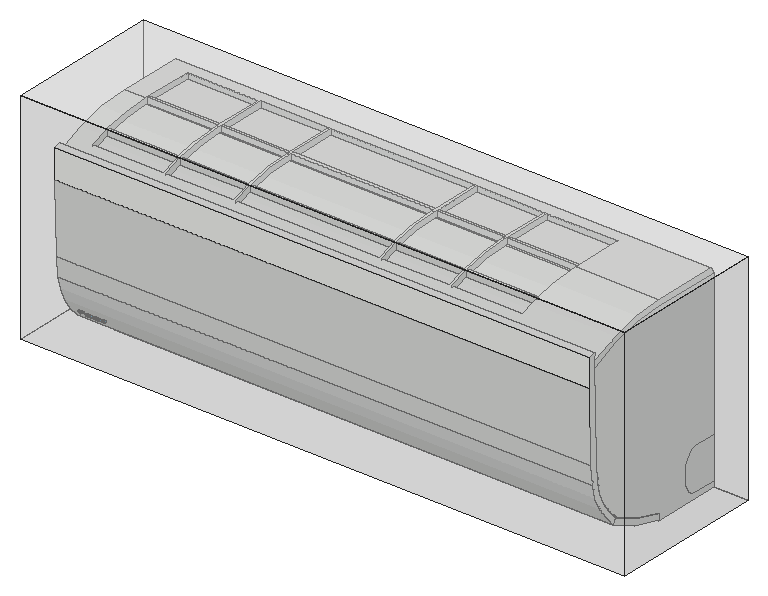
Revit family "outputfile", category 機械設備, Revit 2024
Family settings
  丸型コネクタ寸法 = 半径を使用
  パーツ タイプ = 標準
  OmniClass 番号 = 23.75.10.24.21.27.27
  OmniClass タイトル = Split System Air Conditioning Units
  作業面ベース = いいえ
  常に垂直 = はい
  ロード時にボイドで切り取り = いいえ
  注釈の向きを維持 = いいえ
  共有 = いいえ
  部屋計算ポイント = いいえ
Parameters (values of type "FTXF50W2VMA")
  Description = ""
  書き出し IFC クラス(タイプ) = "IfcUnitaryEquipmentType"
  定義済み IFC タイプ(タイプ) = "AIRCONDITIONINGUNIT"
  Cost = 0
  Type Comments = ""
  Keynote = ""
  Type Image = (empty or 0)
  Assembly Code = ""
  w_wall hole = if(Width = 770.0 mm, 48.0 mm, 60.0 mm)  # 48.0 mm
  製造元 = "Daikin"
  モデル = "FTXF50W2VMA"
  switch_frequency = yes
  r_Liquid Pipe Size = Liquid Pipe Size / 2  # 3.2 mm
  r_Gas Pipe Size = Gas Pipe Size / 2  # 6.35 mm
  r_Drain Pipe Size = Drain Pipe Size / 2  # 8.0 mm
  lw_powersupply [instance] = if(Width = 770.0 mm, if(or(Rear Right Connection_refrigerant, Bottom Right Connection_refrigerant), 25.0 mm, if(or(Rear Left Connection_refrigerant, Bottom Left Connection_refrigerant), 745.0 mm, 400.0 mm)), if(Width = 990.0 mm, if(or(Rear Right Connection_refrigerant, Bottom Right Connection_refrigerant), 40.0 mm, if(or(Rear Left Connection_refrigerant, Bottom Left Connection_refrigerant), 920.0 mm, 400.0 mm)), if(or(Rear Right Connection_refrigerant, Bottom Right Connection_refrigerant), 40.0 mm, if(or(Rear Left Connection_refrigerant, Bottom Left Connection_refrigerant), 920.0 mm, 400.0 mm))))  # 400.0 mm
  lw_liquidpipe [instance] = if(Width = 770.0 mm, if(or(Rear Right Connection_refrigerant, Bottom Right Connection_refrigerant), 0.0 mm, if(or(Rear Left Connection_refrigerant, Bottom Left Connection_refrigerant), 664.0 mm, 385.0 mm)), if(Width = 990.0 mm, if(or(Rear Right Connection_refrigerant, Bottom Right Connection_refrigerant), 0.0 mm, if(or(Rear Left Connection_refrigerant, Bottom Left Connection_refrigerant), 664.0 mm + (990.0 mm - 770.0 mm), 475.0 mm)), if(or(Rear Right Connection_refrigerant, Bottom Right Connection_refrigerant), 0.0 mm, if(or(Rear Left Connection_refrigerant, Bottom Left Connection_refrigerant), 664.0 mm + (990.0 mm - 770.0 mm), 475.0 mm))))  # 385.0 mm
  lw_gaspipe [instance] = if(Width = 770.0 mm, if(or(Rear Right Connection_refrigerant, Bottom Right Connection_refrigerant), 0.0 mm, if(or(Rear Left Connection_refrigerant, Bottom Left Connection_refrigerant), 675.0 mm, if(Gas Pipe Size = 12.7 mm, 335.0 mm, 335.0 mm))), if(Width = 990.0 mm, if(or(Rear Right Connection_refrigerant, Bottom Right Connection_refrigerant), 10.0 mm, if(or(Rear Left Connection_refrigerant, Bottom Left Connection_refrigerant), 890.0 mm, if(Gas Pipe Size = 15.9 mm, 400.0 mm, 400.0 mm))), if(or(Rear Right Connection_refrigerant, Bottom Right Connection_refrigerant), 10.0 mm, if(or(Rear Left Connection_refrigerant, Bottom Left Connection_refrigerant), 890.0 mm, if(Gas Pipe Size = 15.9 mm, 400.0 mm, 400.0 mm)))))  # 335.0 mm
  lw_drainpipe [instance] = if(Width = 770.0 mm, if(or(Rear Right Connection_refrigerant, Bottom Right Connection_refrigerant), 0.0 mm, if(or(Rear Left Connection_refrigerant, Bottom Left Connection_refrigerant), 770.0 mm - 48.0 mm - 48.0 mm, 440.0 mm)), if(Width = 990.0 mm, if(or(Rear Right Connection_refrigerant, Bottom Right Connection_refrigerant), 0.0 mm, if(or(Rear Left Connection_refrigerant, Bottom Left Connection_refrigerant), 675.0 mm + (990.0 mm - 770.0 mm), 435.0 mm)), if(or(Rear Right Connection_refrigerant, Bottom Right Connection_refrigerant), 0.0 mm, if(or(Rear Left Connection_refrigerant, Bottom Left Connection_refrigerant), 675.0 mm + (990.0 mm - 770.0 mm), 435.0 mm))))  # 440.0 mm
  l_powersupply_length [instance] = if(Width = 770.0 mm, if(Right Connection_refrigerant, 400.0 mm, if(Left Connection_refrigerant, 770.0 mm - 400.0 mm, if(or(Rear Left Connection_refrigerant, Rear Right Connection_refrigerant), 15.0 mm, 50.0 mm))), if(Width = 990.0 mm, if(Right Connection_refrigerant, 400.0 mm, if(Left Connection_refrigerant, 990.0 mm - 400.0 mm, if(or(Rear Left Connection_refrigerant, Rear Right Connection_refrigerant), 15.0 mm, 50.0 mm))), if(Right Connection_refrigerant, 400.0 mm, if(Left Connection_refrigerant, 990.0 mm - 400.0 mm, if(or(Rear Left Connection_refrigerant, Rear Right Connection_refrigerant), 15.0 mm, 50.0 mm)))))  # 400.0 mm
  l_liquidpipe_length [instance] = if(Width = 770.0 mm, if(Right Connection_refrigerant, 433.0 mm, if(Left Connection_refrigerant, 337.0 mm, if(or(Rear Left Connection_refrigerant, Rear Right Connection_refrigerant), 30.0 mm, 40.0 mm))), if(Width = 990.0 mm, if(Right Connection_refrigerant, 535.0 mm, if(Left Connection_refrigerant, 455.0 mm, if(or(Rear Left Connection_refrigerant, Rear Right Connection_refrigerant), 30.0 mm, 40.0 mm))), if(Right Connection_refrigerant, 535.0 mm, if(Left Connection_refrigerant, 455.0 mm, if(or(Rear Left Connection_refrigerant, Rear Right Connection_refrigerant), 30.0 mm, 40.0 mm)))))  # 433.0 mm
  l_gaspipe_length [instance] = if(Width = 770.0 mm, if(Right Connection_refrigerant, if(Gas Pipe Size = 12.7 mm, 383.0 mm, 383.0 mm), if(Left Connection_refrigerant, if(Gas Pipe Size = 12.7 mm, 770.0 mm - 383.0 mm, 770.0 mm - 383.0 mm), if(or(Rear Left Connection_refrigerant, Rear Right Connection_refrigerant), 40.0 mm, 50.0 mm))), if(Width = 990.0 mm, if(Right Connection_refrigerant, if(Gas Pipe Size = 15.9 mm, 460.0 mm, 460.0 mm), if(Left Connection_refrigerant, if(Gas Pipe Size = 15.9 mm, 990.0 mm - 460.0 mm, 990.0 mm - 460.0 mm), if(or(Rear Left Connection_refrigerant, Rear Right Connection_refrigerant), 40.0 mm, 50.0 mm))), if(Right Connection_refrigerant, if(Gas Pipe Size = 15.9 mm, 460.0 mm, 460.0 mm), if(Left Connection_refrigerant, if(Gas Pipe Size = 15.9 mm, 990.0 mm - 460.0 mm, 990.0 mm - 460.0 mm), if(or(Rear Left Connection_refrigerant, Rear Right Connection_refrigerant), 40.0 mm, 50.0 mm)))))  # 383.0 mm
  l_drainpipe_length [instance] = if(Width = 770.0 mm, if(Right Connection_refrigerant, 488.0 mm, if(Left Connection_refrigerant, 282.0 mm, if(or(Rear Left Connection_refrigerant, Rear Right Connection_refrigerant), 15.0 mm, 20.0 mm))), if(Width = 990.0 mm, if(Right Connection_refrigerant, 495.0 mm, if(Left Connection_refrigerant, 495.0 mm, if(or(Rear Left Connection_refrigerant, Rear Right Connection_refrigerant), 15.0 mm, 20.0 mm))), if(Right Connection_refrigerant, 495.0 mm, if(Left Connection_refrigerant, 495.0 mm, if(or(Rear Left Connection_refrigerant, Rear Right Connection_refrigerant), 15.0 mm, 20.0 mm)))))  # 488.0 mm
  h*** = 0.0 mm  # constant formula
  connector_voltage = Voltage_50Hz  # 230 V
  connector_powerinput = if([Power Input (Cooling)] > [Power Input (Heating)], [Power Input (Cooling)], [Power Input (Heating)])  # 0.000 kW
  connector_phase = Phase_50Hz  # 1
  angle_vertical [instance] = if(or(Bottom Left Connection_refrigerant, Bottom Right Connection_refrigerant), 0.00°, 90.00°)  # 90.00°
  angle_horizontal [instance] = if(Right Connection_refrigerant, 90.00°, if(Left Connection_refrigerant, -90.00°, if(or(Rear Left Connection_refrigerant, Rear Right Connection_refrigerant), 180.00°, 0.00°)))  # 90.00°
  Width = 770.0 mm
  Voltage_comment_50Hz = "220 - 240"
  Voltage_50Hz = 230 V
  Version = "ver.1.0"
  Unit Type = "Wall Mounted"
  Unit Mass Weight = 9.00 kg
  Unit Designation [instance] = ""
  Uniclass2015Version = "Products v1.30"
  Uniclass2015Title = "Split coil room air conditioning units"
  Uniclass2015Code = "Pr_70_65_03_86"
  URL = ""
  Total Heating Capacity [instance] = 0.000 kW
  Total Cooling Capacity [instance] = 0.000 kW
  Sound Pressure Level_M speed (dBA) = 40
  Sound Pressure Level_L speed (dBA) = 35
  Sound Pressure Level_H speed (dBA) = 45
  Sound Power Level_H speed (dB) = 0
  Series = "Single Split_Fan Coil Unit"
  Sensible Cooling Capacity [instance] = 0.000 kW
  Refrigerant Type = "R32"
  Power Input (Heating) = 0.000 kW
  Power Input (Cooling) = 0.000 kW
  Phase_50Hz = 1
  Option Accessory 3 [instance] = ""
  Option Accessory 2 [instance] = ""
  Option Accessory 1 [instance] = ""
  Nominal Heating Capacity = 5.200 kW
  Nominal Cooling Capacity = 5.000 kW
  Minimum Circuit Amps_50Hz = 0.0 A
  Minimum Airflow = 498.00 m³/h
  Median Airflow = 606.00 m³/h
  Maximum Fuse Amps_50Hz = 0.0 A
  Maximum Airflow = 756.00 m³/h
  Material_Casing = DAIKIN_PureWhite_Casing_indoorunit
  Load Classification = HVAC
  Liquid Pipe Size = 6.4 mm
  Link_Nested Family [instance] = ""
  IfcVersion = ""
  IfcExportType = "AIRCONDITIONINGUNIT"
  IfcExportAs = "IfcUnitaryEquipmentType"
  Height = 285.0 mm
  Heating Entering Wet Bulb Temperature [instance] = 0.00 °C
  Heating Entering Dry Bulb Temperature [instance] = 0.00 °C
  Heating Ambient Wet Bulb Temperature [instance] = 0.00 °C
  Heating Ambient Dry Bulb Temperature [instance] = 0.00 °C
  Heat Exchanger Type = "Cross Fin Coil"
  Gas Pipe Size = 12.7 mm
  Frequency_50Hz = 50 Hz
  Fan Type = "Cross Flow Fan"
  Fan Drive = "Direct Drive"
  FCU Tag No. [instance] = ""
  Drain Pipe Size = 16.0 mm
  Design Supply Airflow [instance] = 0.00 m³/h
  Depth = 223.0 mm
  既定の高さ = 0.0 mm
  Cooling Entering Wet Bulb Temperature [instance] = 0.00 °C
  Cooling Entering Dry Bulb Temperature [instance] = 0.00 °C
  Cooling Ambient Wet Bulb Temperature [instance] = 0.00 °C
  Cooling Ambient Dry Bulb Temperature [instance] = 0.00 °C
  Clearance visibility [instance] = yes
  Clearance Top = 30.0 mm
  Clearance Right = 50.0 mm
  Clearance Rear = 0.0 mm
  Clearance Left = 50.0 mm
  Clearance Front = 0.0 mm
  Clearance Bottom = 0.0 mm
  Bottom Right Connection_refrigerant [instance] = no
  Bottom Left Connection_refrigerant [instance] = no
  Rear Right Connection_refrigerant [instance] = no
  Rear Left Connection_refrigerant [instance] = no
  Right Connection_refrigerant [instance] = yes
  Left Connection_refrigerant [instance] = no
Reference planes
  plane 1 "Back": y = 0
  plane 2: z = 0
  plane 3 "Center (Left/Right)": x = 0
  plane 4 "Center (Front/Back)": y = -111.5
  plane 5 "Front": y = -223
  plane 6 "Left": x = -385
  plane 7 "Right": x = 385
  plane 8 "Top": z = 0
  plane 9 "Bottom": z = -285
  plane 10: x = -435
  plane 11: x = 435
  plane 12: y = 0
  plane 13: y = -223
  plane 14: z = 30
  plane 15: z = -285
  plane 16 "lw_Piping and Wiring intake": x = 337
  plane 17 "lw_gaspipe": x = 2
  plane 18 "lw_liquidpipe": x = -48
  plane 19 "lw_drainpipe": x = -103
  plane 20 "lh_drainpipe": z = -265
  plane 21 "lh_liquidpipe": z = -245
  plane 22 "lh_gaspipe": z = -235
  plane 23 "ld_drainpipe": y = -15
  plane 24 "ld_liquidpipe": y = -30
  plane 25 "ld_gaspipe": y = -40
  plane 26 "lw_powersupply": x = -15
Dimensions and locks
  equal spacing: plane 6 "Left", plane 3 "Center (Left/Right)", plane 7 "Right"
  "Width": plane 6 "Left" to plane 7 "Right"
  equal spacing: plane 5 "Front", plane 4 "Center (Front/Back)", plane 1 "Back"
  "Depth": plane 5 "Front" to plane 1 "Back"
  "Height": plane 8 "Top" to plane 9 "Bottom"
  "Clearance Rear": plane 12 to plane 1 "Back"
  "Clearance Front": plane 13 to plane 5 "Front"
  "Clearance Top": plane 14 to plane 8 "Top"
  "Clearance Bottom": plane 9 "Bottom" to plane 15
  "w_wall hole": plane 16 "lw_Piping and Wiring intake" to plane 7 "Right"
  "lw_gaspipe": plane 17 "lw_gaspipe" to plane 16 "lw_Piping and Wiring intake"
  "lw_liquidpipe": plane 18 "lw_liquidpipe" to plane 16 "lw_Piping and Wiring intake"
  "lw_drainpipe": plane 19 "lw_drainpipe" to plane 16 "lw_Piping and Wiring intake"
  locked: plane 20 "lh_drainpipe" to plane 9 "Bottom" at 20
  locked: plane 21 "lh_liquidpipe" to plane 9 "Bottom" at 40
  locked: plane 22 "lh_gaspipe" to plane 9 "Bottom" at 50
  locked: plane 23 "ld_drainpipe" to plane 1 "Back" at 15
  locked: plane 1 "Back" to plane 24 "ld_liquidpipe" at 30
  locked: plane 1 "Back" to plane 25 "ld_gaspipe" at 40
  "lw_powersupply": plane 26 "lw_powersupply" to plane 7 "Right"
  "Clearance Left": plane 10 to plane 6 "Left"
  "Clearance Right": plane 7 "Right" to plane 11
  aligned and locked: level to plane 2
  aligned and locked: plane 12 to nested 1
  aligned and locked: nested 1 to plane 13
  aligned and locked: plane 10 to nested 1
  aligned and locked: plane 11 to nested 1
  aligned and locked: plane 15 to nested 1
  aligned and locked: plane 14 to nested 1
  aligned and locked: plane 17 "lw_gaspipe" to nested 2
  aligned and locked: nested 2 to plane 25 "ld_gaspipe"
  aligned and locked: plane 18 "lw_liquidpipe" to nested 3
  aligned and locked: nested 3 to plane 24 "ld_liquidpipe"
  aligned and locked: plane 19 "lw_drainpipe" to nested 4
  aligned and locked: nested 4 to plane 23 "ld_drainpipe"
  aligned and locked: nested 5 to plane 23 "ld_drainpipe"
  aligned and locked: plane 26 "lw_powersupply" to nested 5
  aligned and locked: level to plane 8 "Top"
  aligned and locked: plane 3 "Center (Left/Right)" to nested 6
  aligned and locked: plane 1 "Back" to nested 6
  aligned and locked: plane 8 "Top" to nested 6
Nested families
  nested 1: "daikin_clearancespace" at (0, -111.5, -127.381), show <- "Clearance visibility", visible <- "Clearance visibility", Link_Nested Family <- "Link_Nested Family", type "daikin_clearancespace"
    with width 870.0 mm, show yes, height 315.0 mm, depth 223.0 mm, Link_Nested Family ""
  nested 2: "daikin_connector_rotate3" at (2, -40, -235), angle_vertical <- "angle_vertical", angle_horizontal <- "angle_horizontal", length <- "l_gaspipe_length", radius <- "r_Gas Pipe Size", type "daikin_connector_rotate3"
    with show no, radius 6.35 mm, length 383.0 mm, angle_vertical 90.00°, angle_horizontal 90.00°
  nested 3: "daikin_connector_rotate3" at (-48, -30, -245), angle_vertical <- "angle_vertical", angle_horizontal <- "angle_horizontal", radius <- "r_Liquid Pipe Size", length <- "l_liquidpipe_length", type "daikin_connector_rotate3"
    with show no, radius 3.2 mm, length 433.0 mm, angle_vertical 90.00°, angle_horizontal 90.00°
  nested 4: "daikin_connector_rotate3" at (-103, -15, -265), angle_vertical <- "angle_vertical", angle_horizontal <- "angle_horizontal", length <- "l_drainpipe_length", radius <- "r_Drain Pipe Size", type "daikin_connector_rotate3"
    with show no, radius 8.0 mm, length 488.0 mm, angle_vertical 90.00°, angle_horizontal 90.00°
  nested 5: "daikin_connector_rotate3" at (-15, -15, -235), angle_vertical <- "angle_vertical", angle_horizontal <- "angle_horizontal", length <- "l_powersupply_length", type "daikin_connector_rotate3"
    with show no, radius 10.0 mm, length 400.0 mm, angle_vertical 90.00°, angle_horizontal 90.00°
  nested 6: "DAIKIN_indoorunit_FTXF-W2VMA" at (-31, 0, 0), type "FTXF-W2VMA"
Connectors
  piping at (385, -40, -235), diameter 12.7, driven by "r_Gas Pipe Size"
    settings: on nested 2, index 1, connector inside diameter 609.6 mm, connector length 0.0 mm, flow factor 0, pipe flow 0.00 m³/h, pressure drop 0.0 Pa, fitting loss kfactor 0, connector angle 0.00°, fixture units 0, engagement length 0.0 mm, angle of deflection 0.00°, flow configuration 1, flow direction 2, fitting loss method 0, system type 29, joint type 0, gender type 0, connector reference index -1, connector utility 0, adjustable connector no, is connector primary yes, connector description "Refrigerant Gas Piping"
  piping at (385, -30, -245), diameter 6.4, driven by "r_Liquid Pipe Size"
    settings: on nested 3, index 2, connector inside diameter 609.6 mm, connector length 0.0 mm, flow factor 0, pipe flow 0.00 m³/h, pressure drop 0.0 Pa, fitting loss kfactor 0, connector angle 0.00°, fixture units 0, engagement length 0.0 mm, angle of deflection 0.00°, flow configuration 1, flow direction 1, fitting loss method 0, system type 29, joint type 0, gender type 0, connector reference index -1, connector utility 0, adjustable connector no, is connector primary no, connector description "Refrigerant Liquid Piping"
  piping at (385, -15, -265), diameter 16, driven by "r_Drain Pipe Size"
    settings: on nested 4, index 3, connector inside diameter 609.6 mm, connector length 0.0 mm, flow factor 0, pipe flow 0.00 m³/h, pressure drop 0.0 Pa, fitting loss kfactor 0, connector angle 0.00°, fixture units 0, engagement length 0.0 mm, angle of deflection 0.00°, flow configuration 1, flow direction 2, fitting loss method 4, system type 16, joint type 0, gender type 0, connector reference index -1, connector utility 0, adjustable connector no, is connector primary no, connector description "Condensate Drain Piping"
  electrical at (385, -15, -235), driven by "Load Classification", driven by "connector_powerinput", driven by "connector_voltage", driven by "connector_phase"
    settings: on nested 5, index 4, voltage 230 V, apparent load 0 VA, apparent load phase1 0 VA, apparent load phase2 0 VA, apparent load phase3 0 VA, power factor 1, load classification "HVAC", number of poles 1, system type 30, power factor state 1, is connector primary yes, connector utility no, sub classification motor no, connector description "Power Supply"
Definition of nested family "daikin_clearancespace"
  Parameters (values of type "daikin_clearancespace")
    Description = "daikin_clearancespace"
    width [instance] = 1823.963 mm
    show [instance] = yes
    material = none
    height [instance] = 1359.762 mm
    depth [instance] = 880.0 mm
    Default Elevation = 0.0 mm
    Link_Nested Family [instance] = ""
  Reference planes
    plane 1 "Center (Front/Back)": y = 0
    plane 2 "Center (Elevation)": z = -0.119
    plane 3 "Center (Left/Right)": x = 0
    plane 4: y = 440
    plane 5: y = -440
    plane 6 "Right": x = 911.982
    plane 7 "Left": x = -911.982
    plane 8 "Top": z = 679.762
    plane 9 "Bottom": z = -680
  Forms (mm)
    Extrusion 1, solid, material <- "material", visible <- "show"
      sketch origin (0, 0, 0) x (1, 0, 0) y (0, 1, 0)
        loop
          line (-911.982, 440) -> (-911.982, -440) -> (911.982, -440) -> (911.982, 440) -> (-911.982, 440)
      from -680 to 679.762
  Lines and regions (mm)
    symbolic lines, visible <- "show"
      curve 1: line (911.982, 440, 0) -> (-911.982, 440, 0)
      curve 2: line (-911.982, 440, 0) -> (-911.982, -440, 0)
      curve 3: line (-911.982, -440, 0) -> (911.982, -440, 0)
      curve 4: line (911.982, -440, 0) -> (911.982, 440, 0)
      curve 5: line (911.982, 0, 679.762) -> (-911.982, 0, 679.762)
      curve 6: line (911.982, 0, -680) -> (911.982, 0, 679.762)
      curve 7: line (-911.982, 0, -680) -> (911.982, 0, -680)
      curve 8: line (-911.982, 0, 679.762) -> (-911.982, 0, -680)
      curve 9: line (0, 440, 679.762) -> (0, -440, 679.762)
      curve 10: line (0, -440, 679.762) -> (0, -440, -680)
      curve 11: line (0, 440, -680) -> (0, 440, 679.762)
      curve 12: line (0, -440, -680) -> (0, 440, -680)
  Dimensions and locks
    "width": plane 7 "Left" to plane 6 "Right"
    "depth": plane 4 to plane 5
    "height": plane 8 "Top" to plane 9 "Bottom"
    equal spacing: plane 7 "Left", plane 3 "Center (Left/Right)", plane 6 "Right"
    equal spacing: plane 4, plane 1 "Center (Front/Back)", plane 5
    equal spacing: plane 8 "Top", plane 2 "Center (Elevation)", plane 9 "Bottom"
    aligned and locked: level to plane 2 "Center (Elevation)"
    aligned and locked: Extrusion 1 sketch curve to plane 4
    aligned and locked: plane 7 "Left" to Extrusion 1 sketch curve
    aligned and locked: Extrusion 1 sketch curve to plane 5
    aligned and locked: Extrusion 1 sketch curve to plane 6 "Right"
    aligned and locked: plane 8 "Top" to Extrusion 1
    aligned and locked: curve 1 to Extrusion 1
    aligned and locked: curve 2 to Extrusion 1
    aligned and locked: curve 3 to Extrusion 1
    aligned and locked: curve 4 to Extrusion 1
    aligned and locked: curve 5 to Extrusion 1
    aligned and locked: curve 6 to Extrusion 1
    aligned and locked: curve 7 to Extrusion 1
    aligned and locked: curve 8 to Extrusion 1
    aligned and locked: curve 9 to Extrusion 1
    aligned and locked: curve 10 to Extrusion 1
    aligned and locked: curve 11 to Extrusion 1
    aligned and locked: curve 12 to Extrusion 1
    aligned and locked: Extrusion 1 to plane 9 "Bottom"
Definition of nested family "DAIKIN_indoorunit_FTXF-W2VMA"
  Parameters (values of type "FTKF-TVMA")
    switch_unit1_60-71 = Width = 990.0 mm  # no
    switch_unit1_20-50 = Width = 770.0 mm  # yes
    Width = 770.0 mm
    WALL HOLE-R = if(Width = 770.0 mm, 48.0 mm, 60.0 mm)  # 48.0 mm
    WALL HOLE Size = if(Width = 770.0 mm, 65.0 mm, 80.0 mm)  # 65.0 mm
    Material_Casing = none
    Height = if(Width = 770.0 mm, 285.0 mm, 295.0 mm)  # 285.0 mm
    Default Elevation = 0.0 mm
  Reference planes
    plane 1 "Center (Front/Back)": y = 0
    plane 2 "reference_level": z = 0
    plane 3 "Center (Left/Right)": x = 31
    plane 4: x = -354
    plane 5: x = 416
    plane 6: z = -285
  Forms (mm)
    Extrusion 1, solid, material <- "Material_Casing", visible <- "switch_unit1_20-50"
      sketch origin (29, 0, 0) x (0, 1, 0) y (0, 0, 1)
        loop
          line (-5, 0) -> (-98, 0)
          arc (-98, 0) -> (-157.611, -7.211) -> (-213.783, -28.427) r 250
          arc (-213.783, -28.427) -> (-213.842, -32.972) -> (-213.892, -37.516) r 2191
          arc (-213.892, -37.516) -> (-157.832, -15.495) -> (-98.07, -8) r 242
          line (-98.07, -8) -> (0, -8) -> (-5, 0)
      from -383 to 387
    Extrusion 2, solid, material <- "Material_Casing", visible <- "switch_unit1_20-50"
      sketch origin (416, 1296.25, 1200) x (0, 1, 0) y (0, 0, 1)
        loop
          line (-1472.998, -1446.91) -> (-1476.998, -1453.839)
          arc (-1476.998, -1453.839) -> (-1437.481, -1472.422) -> (-1395.25, -1483.538) r 240
          line (-1395.25, -1483.538) -> (-1395.25, -1475.422)
          arc (-1395.25, -1475.422) -> (-1435.407, -1464.663) -> (-1472.998, -1446.91) r 232
      from 0 to -47.5
    Extrusion 3, solid, material <- "Material_Casing", visible <- "switch_unit1_20-50"
      sketch origin (29, 0, 0) x (0, 1, 0) y (0, 0, 1)
        loop
          arc (-223, -60.455) -> (-222.414, -110.646) -> (-220.656, -160.81) r 2149.92
          arc (-220.656, -160.81) -> (-219.65, -174.299) -> (-217.853, -187.706) r 229.911
          arc (-217.853, -187.706) -> (-205.371, -223.594) -> (-181.517, -253.17) r 111
          line (-181.517, -253.17) -> (-177.429, -246.093)
          arc (-177.429, -246.093) -> (-198.77, -218.989) -> (-209.965, -186.36) r 103
          arc (-209.965, -186.36) -> (-211.681, -173.586) -> (-212.651, -160.735) r 221.844
          arc (-212.651, -160.735) -> (-214.739, -93.233) -> (-214.74, -25.699) r 2186.828
          arc (-214.74, -25.699) -> (-214.671, -21.467) -> (-214.594, -17.235) r 2192
          line (-214.594, -17.235) -> (-223, -19.961) -> (-223, -60.455)
      from -383 to 387
    Extrusion 4, solid, material <- "Material_Casing", visible <- "switch_unit1_20-50"
      sketch origin (29, 0, -20) x (0, 1, 0) y (0, 0, 1)
        loop
          line (0, -265) -> (0, 12) -> (-98.07, 12)
          arc (-98.07, 12) -> (-157.832, 4.505) -> (-213.892, -17.516) r 242
          arc (-213.892, -17.516) -> (-213.638, -79.114) -> (-211.653, -140.681) r 2191
          arc (-211.653, -140.681) -> (-210.685, -153.501) -> (-208.973, -166.243) r 221
          arc (-208.973, -166.243) -> (-197.471, -199.282) -> (-175.482, -226.491) r 102
          arc (-175.482, -226.491) -> (-138.004, -244.019) -> (-98, -254.579) r 231
          line (-98, -254.579) -> (-98, -265) -> (0, -265)
      from -383 to 387
    Extrusion 5, solid, material <- "Material_Casing", visible <- "switch_unit1_20-50"
      sketch origin (-354, 1296.25, 1200) x (0, 1, 0) y (0, 0, 1)
        loop
          line (-1472.998, -1446.91) -> (-1476.998, -1453.839)
          arc (-1476.998, -1453.839) -> (-1437.481, -1472.422) -> (-1395.25, -1483.538) r 240
          line (-1395.25, -1483.538) -> (-1395.25, -1475.422)
          arc (-1395.25, -1475.422) -> (-1435.407, -1464.663) -> (-1472.998, -1446.91) r 232
      from 47 to 0
    Extrusion 6, solid, material <- "Material_Casing", visible <- "switch_unit1_20-50"
      sketch origin (416, 1296.25, 1200) x (0, 1, 0) y (0, 0, 1)
        loop
          line (-1472.998, -1446.91) -> (-1476.998, -1453.839)
          arc (-1476.998, -1453.839) -> (-1443.437, -1470.168) -> (-1407.75, -1481.097) r 240
          line (-1407.75, -1481.097) -> (-1407.75, -1472.894)
          arc (-1407.75, -1472.894) -> (-1441.363, -1462.385) -> (-1472.998, -1446.91) r 232
      from -116.993 to -48.493
    Extrusion 7, solid, material <- "Material_Casing", visible <- "switch_unit1_20-50"
      sketch origin (416, 1296.25, 1200) x (0, 1, 0) y (0, 0, 1)
        loop
          line (-1472.998, -1446.91) -> (-1476.998, -1453.839)
          arc (-1476.998, -1453.839) -> (-1443.437, -1470.168) -> (-1407.75, -1481.097) r 240
          line (-1407.75, -1481.097) -> (-1407.75, -1472.894)
          arc (-1407.75, -1472.894) -> (-1441.363, -1462.385) -> (-1472.998, -1446.91) r 232
      from -717 to -121.993
    Extrusion 8, void
      sketch origin (31, 0, -235) x (1, 0, 0) y (0, 1, 0)
        loop
          line (-252.674, -22.316) -> (-354.941, -22.316) -> (-354.941, -91.341) -> (-252.674, -91.341) -> (-252.674, -22.316)
        loop
          line (-249.341, -91.341) -> (-151.574, -91.341) -> (-151.574, -22.316) -> (-249.341, -22.316) -> (-249.341, -91.341)
        loop
          line (58.309, -22.316) -> (-148.309, -22.316) -> (-148.309, -91.341) -> (58.309, -91.341) -> (58.309, -22.316)
        loop
          line (61.689, -22.316) -> (61.689, -91.341) -> (159.457, -91.341) -> (159.457, -22.316) -> (61.689, -22.316)
        loop
          line (162.789, -22.316) -> (162.789, -91.341) -> (265.057, -91.341) -> (265.057, -22.316) -> (162.789, -22.316)
        loop
          line (-354.941, -94.659) -> (-354.941, -165.259) -> (-252.674, -165.259) -> (-252.674, -94.659) -> (-354.941, -94.659)
        loop
          line (-249.341, -94.659) -> (-249.341, -165.259) -> (-151.574, -165.259) -> (-151.574, -94.659) -> (-249.341, -94.659)
        loop
          line (-148.309, -94.659) -> (-148.309, -165.259) -> (58.309, -165.259) -> (58.309, -94.659) -> (-148.309, -94.659)
        loop
          line (61.689, -94.659) -> (61.689, -165.259) -> (159.457, -165.259) -> (159.457, -94.659) -> (61.689, -94.659)
        loop
          line (162.789, -94.659) -> (162.789, -165.259) -> (265.057, -165.259) -> (265.057, -94.659) -> (162.789, -94.659)
        loop
          line (-354.941, -167.382) -> (-354.941, -192.681) -> (-252.674, -192.681) -> (-252.674, -167.382) -> (-354.941, -167.382)
        loop
          line (-249.341, -167.382) -> (-249.341, -192.681) -> (-151.574, -192.681) -> (-151.574, -167.382) -> (-249.341, -167.382)
        loop
          line (-148.309, -167.382) -> (-148.309, -192.681) -> (58.309, -192.681) -> (58.309, -167.382) -> (-148.309, -167.382)
        loop
          line (159.457, -167.382) -> (61.689, -167.382) -> (61.689, -192.681) -> (159.457, -192.681) -> (159.457, -167.382)
        loop
          line (265.057, -167.382) -> (162.789, -167.382) -> (162.789, -192.681) -> (265.057, -192.681) -> (265.057, -167.382)
      from 201.638 to 250
    Extrusion 9, solid, material <- "Material_Casing"
      sketch origin (31, 0, 0) x (1, 0, 0) y (0, 0, 1)
        loop
          circle (337, -240.5) r 32.5
        loop
          circle (-337, -240.5) r 32.5
      from 0 to 5
    Extrusion 10, solid, material <- "Material_Casing", visible <- "switch_unit1_20-50"
      sketch origin (416, 1296.25, 1200) x (0, -1, 0) y (0, 0, 1)
        loop
          line (1326.25, -1417) -> (1296.25, -1417) -> (1296.25, -1477) -> (1326.25, -1477)
          arc (1326.25, -1477) -> (1340.393, -1471.142) -> (1346.25, -1457) r 20
          line (1346.25, -1457) -> (1346.25, -1437)
          arc (1346.25, -1437) -> (1340.393, -1422.858) -> (1326.25, -1417) r 20
      from 0 to 5
    Extrusion 11, solid, material <- "Material_Casing", visible <- "switch_unit1_20-50"
      sketch origin (-354, 1296.25, 1200) x (0, 1, 0) y (0, 0, 1)
        loop
          line (-1296.25, -1417) -> (-1326.25, -1417)
          arc (-1326.25, -1417) -> (-1340.393, -1422.858) -> (-1346.25, -1437) r 20
          line (-1346.25, -1437) -> (-1346.25, -1457)
          arc (-1346.25, -1457) -> (-1340.393, -1471.142) -> (-1326.25, -1477) r 20
          line (-1326.25, -1477) -> (-1296.25, -1477) -> (-1296.25, -1417)
      from 0 to 5
    Extrusion 12, solid, material <- "Material_Casing", visible <- "switch_unit1_20-50"
      sketch origin (31, 0, -285) x (-1, 0, 0) y (0, -1, 0)
        loop
          line (-314, 0) -> (-314, 30)
          arc (-314, 30) -> (-319.858, 44.142) -> (-334, 50) r 20
          line (-334, 50) -> (-354, 50)
          arc (-354, 50) -> (-368.142, 44.142) -> (-374, 30) r 20
          line (-374, 30) -> (-374, 0) -> (-314, 0)
        loop
          line (374, 0) -> (374, 30)
          arc (374, 30) -> (368.142, 44.142) -> (354, 50) r 20
          line (354, 50) -> (334, 50)
          arc (334, 50) -> (319.858, 44.142) -> (314, 30) r 20
          line (314, 30) -> (314, 0) -> (374, 0)
      from 0 to 5
    Extrusion 13, solid, material <- "Material_Casing", visible <- "switch_unit1_60-71"
      sketch origin (31, 0, 0) x (0, 1, 0) y (0, 0, 1)
        loop
          line (-5, 0) -> (-138, 0)
          arc (-138, 0) -> (-197.611, -7.211) -> (-253.783, -28.427) r 250
          arc (-253.783, -28.427) -> (-253.838, -32.687) -> (-253.886, -36.946) r 2191
          arc (-253.886, -36.946) -> (-197.73, -15.346) -> (-138.014, -8) r 246.393
          line (-138.014, -8) -> (0, -8) -> (-5, 0)
      from -495 to 495
    Extrusion 14, solid, material <- "Material_Casing", visible <- "switch_unit1_60-71"
      sketch origin (418, 1296.25, 1200) x (0, 1, 0) y (0, 0, 1)
        loop
          arc (-1515.208, -1454.149) -> (-1506.856, -1460.599) -> (-1497.925, -1466.219) r 110
          arc (-1497.925, -1466.219) -> (-1445.718, -1487.493) -> (-1389.844, -1494.995) r 223
          line (-1389.844, -1494.995) -> (-1389.844, -1486.086) -> (-1404.386, -1486.086)
          arc (-1404.386, -1486.086) -> (-1449.542, -1477.46) -> (-1491.818, -1459.402) r 214.289
          arc (-1491.818, -1459.402) -> (-1501.056, -1453.541) -> (-1509.606, -1446.715) r 101
          line (-1509.606, -1446.715) -> (-1515.208, -1454.149)
      from 108 to 57.5
    Extrusion 15, solid, material <- "Material_Casing", visible <- "switch_unit1_60-71"
      sketch origin (31, 0, 0) x (0, 1, 0) y (0, 0, 1)
        loop
          line (-263, -19.962) -> (-263, -61.6)
          arc (-263, -61.6) -> (-262.414, -110.219) -> (-260.656, -158.81) r 2017.341
          arc (-260.656, -158.81) -> (-255.648, -191.935) -> (-244.041, -223.362) r 164.725
          arc (-244.041, -223.362) -> (-233.569, -239.793) -> (-219.717, -253.495) r 87.379
          line (-219.717, -253.495) -> (-214.706, -246.846)
          arc (-214.706, -246.846) -> (-229.564, -230.029) -> (-240.385, -210.371) r 102
          arc (-240.385, -210.371) -> (-249.049, -182.962) -> (-252.848, -154.467) r 165.789
          arc (-252.848, -154.467) -> (-254.771, -90.102) -> (-254.74, -25.708) r 2122.533
          arc (-254.74, -25.708) -> (-254.671, -21.469) -> (-254.594, -17.23) r 2192
          line (-254.594, -17.23) -> (-263, -19.962)
      from -495 to 495
    Extrusion 16, void
      sketch origin (33, 0, 0) x (1, 0, 0) y (0, 1, 0)
        loop
          line (-466.909, -22.316) -> (-466.909, -111.341) -> (-366.303, -111.341) -> (-366.303, -22.316) -> (-466.909, -22.316)
        loop
          line (-362.71, -22.316) -> (-362.71, -111.341) -> (-262.103, -111.341) -> (-262.103, -22.316) -> (-362.71, -22.316)
        loop
          line (-258.51, -22.316) -> (-258.51, -111.341) -> (-157.904, -111.341) -> (-157.904, -22.316) -> (-258.51, -22.316)
        loop
          line (-154.31, -22.316) -> (-154.31, -111.341) -> (-53.704, -111.341) -> (-53.704, -22.316) -> (-154.31, -22.316)
        loop
          line (-50.11, -22.316) -> (-50.11, -111.341) -> (50.496, -111.341) -> (50.496, -22.316) -> (-50.11, -22.316)
        loop
          line (54.089, -22.316) -> (54.089, -111.341) -> (154.696, -111.341) -> (154.696, -22.316) -> (54.089, -22.316)
        loop
          line (158.289, -22.316) -> (158.289, -111.341) -> (258.895, -111.341) -> (258.895, -22.316) -> (158.289, -22.316)
        loop
          line (262.489, -22.316) -> (262.489, -111.341) -> (363.095, -111.341) -> (363.095, -22.316) -> (262.489, -22.316)
        loop
          line (-466.909, -114.459) -> (-466.909, -185.059) -> (-366.303, -185.059) -> (-366.303, -114.459) -> (-466.909, -114.459)
        loop
          line (-362.71, -114.459) -> (-362.71, -185.059) -> (-262.103, -185.059) -> (-262.103, -114.459) -> (-362.71, -114.459)
        loop
          line (-258.51, -114.459) -> (-258.51, -185.059) -> (-157.904, -185.059) -> (-157.904, -114.459) -> (-258.51, -114.459)
        loop
          line (-154.31, -114.459) -> (-154.31, -185.059) -> (-53.704, -185.059) -> (-53.704, -114.459) -> (-154.31, -114.459)
        loop
          line (-50.11, -114.459) -> (-50.11, -185.059) -> (50.496, -185.059) -> (50.496, -114.459) -> (-50.11, -114.459)
        loop
          line (54.089, -114.459) -> (54.089, -185.059) -> (154.696, -185.059) -> (154.696, -114.459) -> (54.089, -114.459)
        loop
          line (158.289, -114.459) -> (158.289, -185.059) -> (258.895, -185.059) -> (258.895, -114.459) -> (158.289, -114.459)
        loop
          line (262.489, -114.459) -> (262.489, -185.059) -> (363.095, -185.059) -> (363.095, -114.459) -> (262.489, -114.459)
        loop
          line (-466.909, -187.382) -> (-466.909, -232.681) -> (-366.303, -232.681) -> (-366.303, -187.382) -> (-466.909, -187.382)
        loop
          line (-362.71, -187.382) -> (-362.71, -232.681) -> (-262.103, -232.681) -> (-262.103, -187.382) -> (-362.71, -187.382)
        loop
          line (-258.51, -187.382) -> (-258.51, -232.681) -> (-157.904, -232.681) -> (-157.904, -187.382) -> (-258.51, -187.382)
        loop
          line (-154.31, -187.382) -> (-154.31, -232.681) -> (-53.704, -232.681) -> (-53.704, -187.382) -> (-154.31, -187.382)
        loop
          line (-50.11, -187.382) -> (-50.11, -232.681) -> (50.496, -232.681) -> (50.496, -187.382) -> (-50.11, -187.382)
        loop
          line (54.089, -187.382) -> (54.089, -232.681) -> (154.696, -232.681) -> (154.696, -187.382) -> (54.089, -187.382)
        loop
          line (158.289, -187.382) -> (158.289, -232.681) -> (258.895, -232.681) -> (258.895, -187.382) -> (158.289, -187.382)
        loop
          line (262.489, -187.382) -> (262.489, -232.681) -> (363.095, -232.681) -> (363.095, -187.382) -> (262.489, -187.382)
      from -40.013 to 47.268
    Extrusion 17, solid, material <- "Material_Casing", visible <- "switch_unit1_60-71"
      sketch origin (-356, 1296.25, 1200) x (0, 1, 0) y (0, 0, -1)
        loop
          line (-1515.208, 1454.149) -> (-1509.606, 1446.715)
          arc (-1509.606, 1446.715) -> (-1501.056, 1453.541) -> (-1491.818, 1459.402) r 101
          arc (-1491.818, 1459.402) -> (-1449.542, 1477.46) -> (-1404.386, 1486.086) r 214.289
          line (-1404.386, 1486.086) -> (-1389.844, 1486.086) -> (-1389.844, 1494.995)
          arc (-1389.844, 1494.995) -> (-1445.718, 1487.493) -> (-1497.925, 1466.219) r 223
          arc (-1497.925, 1466.219) -> (-1506.856, 1460.599) -> (-1515.208, 1454.149) r 110
      from 108 to 61
    Extrusion 18, solid, material <- "Material_Casing", visible <- "switch_unit1_60-71"
      sketch origin (418, 1296.25, 1200) x (0, 1, 0) y (0, 0, 1)
        loop
          arc (-1515.208, -1454.149) -> (-1506.856, -1460.599) -> (-1497.925, -1466.219) r 110
          arc (-1497.925, -1466.219) -> (-1463.185, -1482.066) -> (-1426.25, -1491.755) r 223
          line (-1426.25, -1491.755) -> (-1426.25, -1483.166)
          arc (-1426.25, -1483.166) -> (-1460.008, -1473.969) -> (-1491.818, -1459.402) r 214.289
          arc (-1491.818, -1459.402) -> (-1501.056, -1453.541) -> (-1509.606, -1446.715) r 101
          line (-1509.606, -1446.715) -> (-1515.208, -1454.149)
      from 56.5 to -36.993
    Extrusion 19, solid, material <- "Material_Casing", visible <- "switch_unit1_60-71"
      sketch origin (418, 1296.25, 1200) x (0, 1, 0) y (0, 0, 1)
        loop
          arc (-1426.25, -1483.166) -> (-1443.442, -1479.224) -> (-1460.25, -1473.881) r 214.289
          line (-1460.25, -1473.881) -> (-1460.25, -1483.089)
          arc (-1460.25, -1483.089) -> (-1443.421, -1488.091) -> (-1426.25, -1491.755) r 223
          line (-1426.25, -1491.755) -> (-1426.25, -1483.166)
      from -43.493 to -828.893
    Extrusion 20, solid, material <- "Material_Casing", visible <- "switch_unit1_60-71"
      sketch origin (418, 1296.25, 1200) x (0, 1, 0) y (0, 0, 1)
        loop
          arc (-1515.208, -1454.149) -> (-1506.856, -1460.599) -> (-1497.925, -1466.219) r 110
          arc (-1497.925, -1466.219) -> (-1479.479, -1475.527) -> (-1460.25, -1483.089) r 223
          line (-1460.25, -1483.089) -> (-1460.25, -1473.881)
          arc (-1460.25, -1473.881) -> (-1476.328, -1467.282) -> (-1491.818, -1459.402) r 214.289
          arc (-1491.818, -1459.402) -> (-1501.056, -1453.541) -> (-1509.606, -1446.715) r 101
          line (-1509.606, -1446.715) -> (-1515.208, -1454.149)
      from -43.493 to -828.893
    Extrusion 21, solid, material <- "Material_Casing", visible <- "switch_unit1_60-71"
      sketch origin (31, 0, -30) x (0, 1, 0) y (0, 0, 1)
        loop
          line (0, 22) -> (-138.014, 22)
          arc (-138.014, 22) -> (-197.73, 14.654) -> (-253.886, -6.946) r 246.393
          arc (-253.886, -6.946) -> (-253.682, -65.635) -> (-251.855, -124.295) r 2120.935
          arc (-251.855, -124.295) -> (-248.086, -152.682) -> (-239.461, -179.988) r 164.789
          arc (-239.461, -179.988) -> (-228.903, -199.231) -> (-214.437, -215.738) r 101
          line (-214.437, -215.738) -> (-212.406, -216.221)
          arc (-212.406, -216.221) -> (-204.07, -222.837) -> (-195.079, -228.53) r 100
          arc (-195.079, -228.53) -> (-145.557, -248.629) -> (-92.593, -255.785) r 213.289
          line (-92.593, -255.785) -> (-92.593, -265) -> (0, -265) -> (0, 22)
      from -495 to 495
    Extrusion 22, solid, material <- "Material_Casing", visible <- "switch_unit1_60-71"
      sketch origin (526, 1296.25, 1200) x (0, -1, 0) y (0, 0, 1)
        loop
          line (1326.25, -1427.035) -> (1296.25, -1427.035) -> (1296.25, -1487.035) -> (1326.25, -1487.035)
          arc (1326.25, -1487.035) -> (1340.393, -1481.177) -> (1346.25, -1467.035) r 20
          line (1346.25, -1467.035) -> (1346.25, -1447.035)
          arc (1346.25, -1447.035) -> (1340.393, -1432.892) -> (1326.25, -1427.035) r 20
      from 0 to 5
    Extrusion 23, solid, material <- "Material_Casing", visible <- "switch_unit1_60-71"
      sketch origin (-459, 1296.25, 1200) x (0, -1, 0) y (0, 0, 1)
        loop
          line (1326.25, -1427.035) -> (1296.25, -1427.035) -> (1296.25, -1487.035) -> (1326.25, -1487.035)
          arc (1326.25, -1487.035) -> (1340.393, -1481.177) -> (1346.25, -1467.035) r 20
          line (1346.25, -1467.035) -> (1346.25, -1447.035)
          arc (1346.25, -1447.035) -> (1340.393, -1432.892) -> (1326.25, -1427.035) r 20
      from 0 to 5
    Extrusion 24, solid, material <- "Material_Casing", visible <- "switch_unit1_60-71"
      sketch origin (31, 200, -295) x (-1, 0, 0) y (0, -1, 0)
        loop
          line (469, 200) -> (469, 230)
          arc (469, 230) -> (463.142, 244.142) -> (449, 250) r 20
          line (449, 250) -> (429, 250)
          arc (429, 250) -> (414.858, 244.142) -> (409, 230) r 20
          line (409, 230) -> (409, 200) -> (469, 200)
        loop
          line (-469, 200) -> (-409, 200) -> (-409, 230)
          arc (-409, 230) -> (-414.858, 244.142) -> (-429, 250) r 20
          line (-429, 250) -> (-449, 250)
          arc (-449, 250) -> (-463.142, 244.142) -> (-469, 230) r 20
          line (-469, 230) -> (-469, 200)
      from 0 to 5
  Cuts and joins
    Extrusion 8 cuts Extrusion 1
    Extrusion 16 cuts Extrusion 13
  Lines and regions (mm)
    reference lines
      curve 1: line (-523, -201.911, -229.404) -> (-523, -193.542, -239.977)
      curve 2: line (-523, -240.779, -229.404) -> (-523, -232.411, -239.977)
  Dimensions and locks
    locked: Extrusion 10 sketch curve to Extrusion 10 sketch curve at 60
    locked: Extrusion 10 sketch curve to Extrusion 10 sketch curve at 50
    locked: Extrusion 12 sketch curve to Extrusion 12 sketch curve at 60  (x2)
    locked: Extrusion 12 sketch curve to Extrusion 12 sketch curve at 50
    equal spacing: plane 5, plane 3 "Center (Left/Right)", plane 4
    "Width": plane 5 to plane 4
    locked: Extrusion 9 sketch curve to plane 4 at 48
    "WALL HOLE-R": plane 5 to Extrusion 9 sketch curve
    "Height": plane 2 "reference_level" to plane 6
    locked: Extrusion 9 sketch curve to plane 6 at 44.5  (x2)
    locked: Extrusion 15 to nested 2 at 15
    locked: Extrusion 22 sketch curve to Extrusion 22 sketch curve at 60
    locked: Extrusion 22 sketch curve to Extrusion 22 sketch curve at 50
    locked: Extrusion 23 sketch curve to Extrusion 23 sketch curve at 60
    locked: Extrusion 23 sketch curve to Extrusion 23 sketch curve at 50
    locked: Extrusion 24 sketch curve to Extrusion 24 sketch curve at 60  (x2)
    locked: Extrusion 24 sketch curve to Extrusion 24 sketch curve at 50  (x2)
    "WALL HOLE Size": diameter of Extrusion 9 sketch curve  (x2)
    aligned and locked: level to plane 2 "reference_level"
    aligned and locked: nested 1 to curve 1
    aligned and locked: Extrusion 11 sketch curve to Extrusion 10  (x4)
    aligned and locked: Extrusion 12 sketch curve to Extrusion 12 sketch curve  (x2)
    aligned and locked: Extrusion 9 to plane 1 "Center (Front/Back)"
    aligned and locked: nested 2 to curve 2
  Automatic sketch dimensions
    curve 1 to level = 239.977 mm
    plane 1 "Center (Front/Back)" to curve 1 = 193.542 mm
    curve 2 to curve 1 = 0.0 mm
    curve 2 to curve 2 = 10.573 mm
    curve 1 to curve 1 = 10.573 mm
    curve 1 to curve 1 = 8.368 mm
    curve 1 to curve 2 = 30.5 mm
    curve 2 to curve 2 = 8.368 mm
    Extrusion 1 sketch curve to level = 0.0 mm
    Extrusion 1 sketch curve to plane 1 "Center (Front/Back)" = 0.0 mm
    plane 1 "Center (Front/Back)" to Extrusion 1 sketch curve = 5.0 mm
    plane 1 "Center (Front/Back)" to Extrusion 1 sketch curve = 98.0 mm
    Extrusion 1 sketch curve to Extrusion 1 sketch curve = 0.07 mm
    Extrusion 1 sketch curve to level = 59.292 mm
    Extrusion 1 sketch curve to plane 1 "Center (Front/Back)" = 1977.0 mm
    Extrusion 1 sketch curve to level = 250.0 mm
    Extrusion 1 sketch curve to Extrusion 1 sketch curve = 0.0 mm
    Extrusion 1 sketch curve to level = 8.0 mm
    Extrusion 1 sketch curve to level = 28.427 mm
    plane 1 "Center (Front/Back)" to Extrusion 2 sketch curve = 180.748 mm
    Extrusion 2 sketch curve to Extrusion 2 sketch curve = 4.0 mm
    Extrusion 2 sketch curve to Extrusion 2 sketch curve = 77.747 mm
    plane 1 "Center (Front/Back)" to Extrusion 2 sketch curve = 59.279 mm
    Extrusion 2 sketch curve to Extrusion 2 sketch curve = 0.0 mm
    Extrusion 2 sketch curve to level = 283.538 mm
    Extrusion 2 sketch curve to Extrusion 2 sketch curve = 8.116 mm
    Extrusion 2 sketch curve to Extrusion 2 sketch curve = 21.583 mm
    Extrusion 2 sketch curve to Extrusion 2 sketch curve = 6.929 mm
    Extrusion 3 sketch curve to level = 19.961 mm
    plane 1 "Center (Front/Back)" to Extrusion 3 sketch curve = 223.0 mm
    Extrusion 3 sketch curve to level = 17.235 mm
    Extrusion 3 sketch curve to Extrusion 3 sketch curve = 8.406 mm
    plane 1 "Center (Front/Back)" to Extrusion 3 sketch curve = 181.517 mm
    Extrusion 3 sketch curve to Extrusion 3 sketch curve = 4.087 mm
    Extrusion 3 sketch curve to Extrusion 3 sketch curve = 69.11 mm
    Extrusion 3 sketch curve to Extrusion 3 sketch curve = 0.001 mm
    Extrusion 3 sketch curve to plane 1 "Center (Front/Back)" = 8.955 mm
    Extrusion 3 sketch curve to Extrusion 3 sketch curve = 0.067 mm
    Extrusion 3 sketch curve to level = 60.455 mm
    Extrusion 3 sketch curve to Extrusion 3 sketch curve = 1917.898 mm
    Extrusion 3 sketch curve to Extrusion 3 sketch curve = 44.907 mm
    Extrusion 3 sketch curve to Extrusion 3 sketch curve = 5.172 mm
    Extrusion 3 sketch curve to level = 150.456 mm
    Extrusion 3 sketch curve to Extrusion 3 sketch curve = 0.006 mm
    Extrusion 3 sketch curve to Extrusion 3 sketch curve = 19.265 mm
    Extrusion 3 sketch curve to Extrusion 3 sketch curve = 0.004 mm
    Extrusion 3 sketch curve to Extrusion 3 sketch curve = 76.368 mm
    Extrusion 3 sketch curve to Extrusion 3 sketch curve = 7.077 mm
    Extrusion 3 sketch curve to Extrusion 3 sketch curve = 1.002 mm
    Extrusion 3 sketch curve to Extrusion 3 sketch curve = 0.046 mm
    Extrusion 3 sketch curve to Extrusion 3 sketch curve = 8.005 mm
    Extrusion 3 sketch curve to Extrusion 3 sketch curve = 0.147 mm
    Extrusion 3 sketch curve to Extrusion 3 sketch curve = 0.0 mm
    Extrusion 4 sketch curve to plane 1 "Center (Front/Back)" = 0.0 mm
    plane 1 "Center (Front/Back)" to Extrusion 4 sketch curve = 59.278 mm
    Extrusion 4 sketch curve to Extrusion 4 sketch curve = 98.0 mm
    Extrusion 4 sketch curve to Extrusion 4 sketch curve = 0.0 mm  (x3)
    Extrusion 4 sketch curve to level = 8.0 mm
    Extrusion 4 sketch curve to Extrusion 4 sketch curve = 38.791 mm
    Extrusion 4 sketch curve to Extrusion 4 sketch curve = 10.249 mm
    Extrusion 4 sketch curve to plane 1 "Center (Front/Back)" = 9.11 mm
    Extrusion 4 sketch curve to level = 59.292 mm
    Extrusion 4 sketch curve to Extrusion 4 sketch curve = 1967.89 mm
    Extrusion 4 sketch curve to Extrusion 4 sketch curve = 142.454 mm
    Extrusion 4 sketch curve to Extrusion 4 sketch curve = 19.271 mm
    Extrusion 4 sketch curve to Extrusion 4 sketch curve = 80.275 mm
    Extrusion 4 sketch curve to Extrusion 4 sketch curve = 24.579 mm
    Extrusion 4 sketch curve to Extrusion 4 sketch curve = 10.421 mm
    Extrusion 4 sketch curve to level = 46.847 mm
    Extrusion 4 sketch curve to Extrusion 4 sketch curve = 77.412 mm
    Extrusion 4 sketch curve to Extrusion 4 sketch curve = 33.49 mm
    Extrusion 4 sketch curve to Extrusion 4 sketch curve = 2.68 mm
    plane 1 "Center (Front/Back)" to Extrusion 5 sketch curve = 180.748 mm
    Extrusion 5 sketch curve to Extrusion 5 sketch curve = 4.0 mm
    Extrusion 5 sketch curve to Extrusion 5 sketch curve = 77.747 mm
    plane 1 "Center (Front/Back)" to Extrusion 5 sketch curve = 59.279 mm
    Extrusion 5 sketch curve to Extrusion 5 sketch curve = 0.0 mm
    Extrusion 5 sketch curve to level = 283.538 mm
    Extrusion 5 sketch curve to Extrusion 5 sketch curve = 8.116 mm
    Extrusion 5 sketch curve to Extrusion 5 sketch curve = 21.583 mm
    Extrusion 5 sketch curve to Extrusion 5 sketch curve = 6.929 mm
    plane 1 "Center (Front/Back)" to Extrusion 6 sketch curve = 180.748 mm
    Extrusion 6 sketch curve to Extrusion 6 sketch curve = 4.0 mm
    Extrusion 6 sketch curve to Extrusion 6 sketch curve = 65.247 mm
    plane 1 "Center (Front/Back)" to Extrusion 6 sketch curve = 59.279 mm
    Extrusion 6 sketch curve to Extrusion 6 sketch curve = 0.0 mm
    Extrusion 6 sketch curve to level = 281.097 mm
    Extrusion 6 sketch curve to Extrusion 6 sketch curve = 8.203 mm
    Extrusion 6 sketch curve to Extrusion 6 sketch curve = 19.055 mm
    Extrusion 6 sketch curve to Extrusion 6 sketch curve = 6.929 mm
    plane 1 "Center (Front/Back)" to Extrusion 7 sketch curve = 180.748 mm
    Extrusion 7 sketch curve to Extrusion 7 sketch curve = 4.0 mm
    Extrusion 7 sketch curve to Extrusion 7 sketch curve = 65.247 mm
    plane 1 "Center (Front/Back)" to Extrusion 7 sketch curve = 59.279 mm
    Extrusion 7 sketch curve to Extrusion 7 sketch curve = 0.0 mm
    Extrusion 7 sketch curve to level = 281.097 mm
    Extrusion 7 sketch curve to Extrusion 7 sketch curve = 8.203 mm
    Extrusion 7 sketch curve to Extrusion 7 sketch curve = 19.055 mm
    Extrusion 7 sketch curve to Extrusion 7 sketch curve = 6.929 mm
    plane 1 "Center (Front/Back)" to Extrusion 8 sketch curve = 165.259 mm  (x2)
    Extrusion 8 sketch curve to plane 3 "Center (Left/Right)" = 354.941 mm
    plane 1 "Center (Front/Back)" to Extrusion 8 sketch curve = 22.316 mm  (x3)
    Extrusion 8 sketch curve to Extrusion 8 sketch curve = 0.0 mm  (x26)
    Extrusion 8 sketch curve to Extrusion 8 sketch curve = 102.268 mm  (x2)
    Extrusion 8 sketch curve to Extrusion 8 sketch curve = 3.332 mm  (x4)
    Extrusion 8 sketch curve to Extrusion 8 sketch curve = 97.768 mm  (x2)
    Extrusion 8 sketch curve to Extrusion 8 sketch curve = 3.264 mm  (x3)
    plane 3 "Center (Left/Right)" to Extrusion 8 sketch curve = 58.309 mm
    Extrusion 8 sketch curve to Extrusion 8 sketch curve = 3.38 mm  (x3)
    Extrusion 8 sketch curve to Extrusion 8 sketch curve = 2.124 mm  (x6)
    Extrusion 8 sketch curve to Extrusion 8 sketch curve = 25.299 mm  (x2)
    Extrusion 8 sketch curve to Extrusion 8 sketch curve = 70.6 mm
    Extrusion 8 sketch curve to Extrusion 8 sketch curve = 3.317 mm  (x4)
    Extrusion 10 sketch curve to plane 1 "Center (Front/Back)" = 0.0 mm
    Extrusion 10 sketch curve to Extrusion 10 sketch curve = 20.0 mm  (x2)
    Extrusion 10 sketch curve to level = 277.0 mm
    plane 1 "Center (Front/Back)" to Extrusion 12 sketch curve = 0.0 mm
    plane 3 "Center (Left/Right)" to Extrusion 12 sketch curve = 374.0 mm
    Extrusion 12 sketch curve to Extrusion 12 sketch curve = 20.0 mm  (x3)
    plane 1 "Center (Front/Back)" to Extrusion 12 sketch curve = 30.0 mm
    Extrusion 12 sketch curve to plane 3 "Center (Left/Right)" = 314.0 mm
    Extrusion 13 sketch curve to level = 0.0 mm
    Extrusion 13 sketch curve to plane 1 "Center (Front/Back)" = 0.0 mm
    plane 1 "Center (Front/Back)" to Extrusion 13 sketch curve = 5.0 mm
    Extrusion 13 sketch curve to Extrusion 13 sketch curve = 133.0 mm
    Extrusion 13 sketch curve to Extrusion 13 sketch curve = 0.013 mm
    Extrusion 13 sketch curve to level = 59.292 mm
    Extrusion 13 sketch curve to plane 1 "Center (Front/Back)" = 1937.0 mm
    Extrusion 13 sketch curve to Extrusion 13 sketch curve = 250.0 mm
    Extrusion 13 sketch curve to Extrusion 13 sketch curve = 4.393 mm
    Extrusion 13 sketch curve to level = 8.0 mm
    Extrusion 13 sketch curve to level = 28.427 mm
    plane 1 "Center (Front/Back)" to Extrusion 14 sketch curve = 218.957 mm
    Extrusion 14 sketch curve to Extrusion 14 sketch curve = 5.601 mm
    Extrusion 14 sketch curve to Extrusion 14 sketch curve = 65.735 mm
    Extrusion 14 sketch curve to Extrusion 14 sketch curve = 1.462 mm
    plane 1 "Center (Front/Back)" to Extrusion 14 sketch curve = 108.136 mm
    Extrusion 14 sketch curve to Extrusion 14 sketch curve = 14.543 mm
    plane 1 "Center (Front/Back)" to Extrusion 14 sketch curve = 92.093 mm
    Extrusion 14 sketch curve to Extrusion 14 sketch curve = 1.354 mm
    Extrusion 14 sketch curve to level = 294.995 mm
    Extrusion 14 sketch curve to Extrusion 14 sketch curve = 8.909 mm
    Extrusion 14 sketch curve to Extrusion 14 sketch curve = 31.937 mm
    Extrusion 14 sketch curve to Extrusion 14 sketch curve = 7.433 mm
    Extrusion 14 sketch curve to Extrusion 14 sketch curve = 75.403 mm
    Extrusion 14 sketch curve to Extrusion 14 sketch curve = 0.896 mm
    Extrusion 14 sketch curve to level = 72.504 mm
    Extrusion 14 sketch curve to Extrusion 14 sketch curve = 0.504 mm
    Extrusion 15 sketch curve to level = 19.962 mm
    plane 1 "Center (Front/Back)" to Extrusion 15 sketch curve = 263.0 mm
    Extrusion 15 sketch curve to level = 17.23 mm
    Extrusion 15 sketch curve to Extrusion 15 sketch curve = 8.406 mm
    Extrusion 15 sketch curve to Extrusion 15 sketch curve = 43.283 mm
    Extrusion 15 sketch curve to Extrusion 15 sketch curve = 5.011 mm
    Extrusion 15 sketch curve to Extrusion 15 sketch curve = 49.129 mm
    Extrusion 15 sketch curve to Extrusion 15 sketch curve = 19.417 mm
    Extrusion 15 sketch curve to Extrusion 15 sketch curve = 50.037 mm
    Extrusion 15 sketch curve to Extrusion 15 sketch curve = 8.89 mm
    Extrusion 15 sketch curve to level = 61.6 mm
    Extrusion 15 sketch curve to plane 1 "Center (Front/Back)" = 1754.341 mm
    Extrusion 15 sketch curve to level = 58.909 mm
    Extrusion 15 sketch curve to Extrusion 15 sketch curve = 113.192 mm
    Extrusion 15 sketch curve to Extrusion 15 sketch curve = 69.467 mm
    Extrusion 15 sketch curve to level = 146.886 mm
    Extrusion 15 sketch curve to Extrusion 15 sketch curve = 3.987 mm
    Extrusion 15 sketch curve to Extrusion 15 sketch curve = 20.44 mm
    Extrusion 15 sketch curve to Extrusion 15 sketch curve = 13.597 mm
    Extrusion 15 sketch curve to Extrusion 15 sketch curve = 61.936 mm
    Extrusion 15 sketch curve to Extrusion 15 sketch curve = 6.649 mm
    Extrusion 15 sketch curve to level = 59.438 mm
    Extrusion 15 sketch curve to Extrusion 15 sketch curve = 0.0 mm
    Extrusion 15 sketch curve to Extrusion 15 sketch curve = 0.147 mm
    Extrusion 15 sketch curve to Extrusion 15 sketch curve = 7.808 mm
    plane 1 "Center (Front/Back)" to Extrusion 16 sketch curve = 22.316 mm  (x6)
    Extrusion 16 sketch curve to plane 3 "Center (Left/Right)" = 464.909 mm
    Extrusion 16 sketch curve to Extrusion 16 sketch curve = 0.0 mm  (x27)
    Extrusion 16 sketch curve to Extrusion 16 sketch curve = 100.606 mm  (x7)
    Extrusion 16 sketch curve to Extrusion 16 sketch curve = 3.594 mm  (x16)
    Extrusion 16 sketch curve to plane 3 "Center (Left/Right)" = 51.704 mm
    plane 3 "Center (Left/Right)" to Extrusion 16 sketch curve = 52.496 mm  (x2)
    Extrusion 16 sketch curve to Extrusion 16 sketch curve = 89.026 mm  (x6)
    Extrusion 16 sketch curve to Extrusion 16 sketch curve = 3.117 mm  (x8)
    Extrusion 16 sketch curve to Extrusion 16 sketch curve = 70.6 mm  (x7)
    Extrusion 16 sketch curve to Extrusion 16 sketch curve = 2.324 mm  (x8)
    Extrusion 16 sketch curve to Extrusion 16 sketch curve = 45.299 mm  (x7)
    plane 1 "Center (Front/Back)" to Extrusion 17 sketch curve = 218.957 mm
    Extrusion 17 sketch curve to Extrusion 17 sketch curve = 5.601 mm
    Extrusion 17 sketch curve to Extrusion 17 sketch curve = 65.735 mm
    Extrusion 17 sketch curve to Extrusion 17 sketch curve = 1.462 mm
    plane 1 "Center (Front/Back)" to Extrusion 17 sketch curve = 108.136 mm
    Extrusion 17 sketch curve to Extrusion 17 sketch curve = 14.543 mm
    plane 1 "Center (Front/Back)" to Extrusion 17 sketch curve = 92.093 mm
    Extrusion 17 sketch curve to Extrusion 17 sketch curve = 1.354 mm
    Extrusion 17 sketch curve to level = 72.0 mm
    Extrusion 17 sketch curve to Extrusion 17 sketch curve = 0.504 mm
    Extrusion 17 sketch curve to Extrusion 17 sketch curve = 98.416 mm
    Extrusion 17 sketch curve to Extrusion 17 sketch curve = 0.896 mm
    Extrusion 17 sketch curve to Extrusion 17 sketch curve = 76.3 mm
    Extrusion 17 sketch curve to Extrusion 17 sketch curve = 7.433 mm
    Extrusion 17 sketch curve to Extrusion 17 sketch curve = 26.684 mm
    Extrusion 17 sketch curve to Extrusion 17 sketch curve = 8.909 mm
    plane 1 "Center (Front/Back)" to Extrusion 18 sketch curve = 218.957 mm
    Extrusion 18 sketch curve to Extrusion 18 sketch curve = 5.601 mm
    Extrusion 18 sketch curve to Extrusion 18 sketch curve = 65.735 mm
    Extrusion 18 sketch curve to Extrusion 18 sketch curve = 1.462 mm
    Extrusion 18 sketch curve to Extrusion 18 sketch curve = 83.356 mm
    plane 1 "Center (Front/Back)" to Extrusion 18 sketch curve = 92.093 mm
    Extrusion 18 sketch curve to Extrusion 18 sketch curve = 1.354 mm
    Extrusion 18 sketch curve to level = 291.755 mm
    Extrusion 18 sketch curve to Extrusion 18 sketch curve = 8.588 mm
    Extrusion 18 sketch curve to Extrusion 18 sketch curve = 29.018 mm
    Extrusion 18 sketch curve to Extrusion 18 sketch curve = 7.433 mm
    Extrusion 18 sketch curve to Extrusion 18 sketch curve = 75.403 mm
    Extrusion 18 sketch curve to Extrusion 18 sketch curve = 0.896 mm
    Extrusion 18 sketch curve to level = 72.504 mm
    Extrusion 18 sketch curve to Extrusion 18 sketch curve = 0.504 mm
    plane 1 "Center (Front/Back)" to Extrusion 19 sketch curve = 164.0 mm
    Extrusion 19 sketch curve to Extrusion 19 sketch curve = 34.0 mm
    plane 1 "Center (Front/Back)" to Extrusion 19 sketch curve = 92.093 mm
    Extrusion 19 sketch curve to Extrusion 19 sketch curve = 1.354 mm
    Extrusion 19 sketch curve to level = 291.755 mm
    Extrusion 19 sketch curve to Extrusion 19 sketch curve = 8.588 mm
    Extrusion 19 sketch curve to Extrusion 19 sketch curve = 0.077 mm
    Extrusion 19 sketch curve to Extrusion 19 sketch curve = 9.207 mm
    plane 1 "Center (Front/Back)" to Extrusion 20 sketch curve = 218.957 mm
    Extrusion 20 sketch curve to Extrusion 20 sketch curve = 5.601 mm
    Extrusion 20 sketch curve to Extrusion 20 sketch curve = 49.356 mm
    Extrusion 20 sketch curve to Extrusion 20 sketch curve = 65.735 mm
    Extrusion 20 sketch curve to Extrusion 20 sketch curve = 1.462 mm
    plane 1 "Center (Front/Back)" to Extrusion 20 sketch curve = 92.093 mm
    Extrusion 20 sketch curve to Extrusion 20 sketch curve = 1.354 mm
    Extrusion 20 sketch curve to level = 283.089 mm
    Extrusion 20 sketch curve to Extrusion 20 sketch curve = 9.207 mm
    Extrusion 20 sketch curve to Extrusion 20 sketch curve = 19.733 mm
    Extrusion 20 sketch curve to Extrusion 20 sketch curve = 7.433 mm
    Extrusion 20 sketch curve to Extrusion 20 sketch curve = 75.403 mm
    Extrusion 20 sketch curve to Extrusion 20 sketch curve = 0.896 mm
    Extrusion 20 sketch curve to level = 72.504 mm
    Extrusion 20 sketch curve to Extrusion 20 sketch curve = 0.504 mm
    Extrusion 21 sketch curve to Extrusion 21 sketch curve = 0.0 mm  (x4)
    Extrusion 21 sketch curve to plane 1 "Center (Front/Back)" = 0.0 mm
    plane 1 "Center (Front/Back)" to Extrusion 21 sketch curve = 87.233 mm
    Extrusion 21 sketch curve to Extrusion 21 sketch curve = 3.506 mm
    Extrusion 21 sketch curve to Extrusion 21 sketch curve = 92.593 mm
    Extrusion 21 sketch curve to Extrusion 21 sketch curve = 45.42 mm
    Extrusion 21 sketch curve to Extrusion 21 sketch curve = 58.927 mm
    Extrusion 21 sketch curve to Extrusion 21 sketch curve = 74.393 mm
    Extrusion 21 sketch curve to Extrusion 21 sketch curve = 2.031 mm
    Extrusion 21 sketch curve to level = 58.927 mm
    Extrusion 21 sketch curve to plane 1 "Center (Front/Back)" = 1866.935 mm
    Extrusion 21 sketch curve to level = 72.504 mm
    Extrusion 21 sketch curve to Extrusion 21 sketch curve = 74.381 mm
